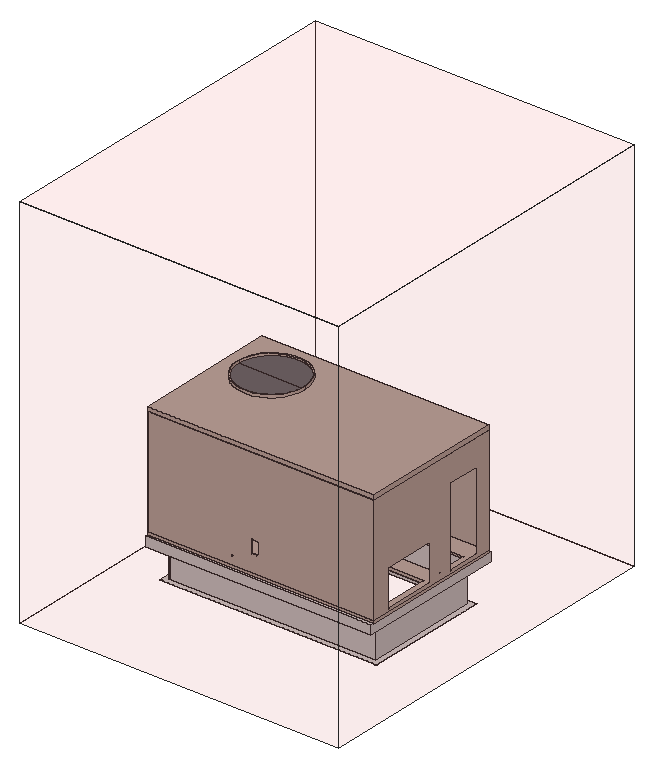
Revit family "CDR-ZX07, ZXA7, ZQ06, ZY05-06, XQ05-06, XXA7, XY05-06", category Mechanical Equipment, Revit 2018
Family settings
  Round Connector Dimension = Use Diameter
  Part Type = Normal
  Work Plane-Based = No
  Always vertical = Yes
  Cut with Voids When Loaded = No
  Shared = No
  Room Calculation Point = No
Parameters (values of type "ZX07 - 6 Ton")
  Width = 48.880"  # constant formula
  Voltage = 208 V
  URL = "www.johnsoncontrols.com"
  Temperature Rise Range [instance] = 0 °F
  Supply Fan HP = 0 VA
  Supply Fan Full Load Current = 0 A
  Supply Air Connection Width (Optional) = 17 97/256"  # constant formula
  Supply Air Connection Width = 12 33/256"  # constant formula
  Supply Air Connection Height (Optional) = 11 241/256"  # constant formula
  Supply Air Connection Height = 17 3/4"  # constant formula
  Steady State Efficiency [instance] = 0
  Static Resistance [instance] = 0
  Standard Capacity Evaporator [instance] = "0"
  Show Clearance [instance] = yes
  Serial Number [instance] = ""
  Seasonal Energy Efficiency Rating [instance] = 0
  Return Air Dry Bulb Temperature [instance] = 0 °F
  Return Air Connection Width (Optional) = 10 113/128"  # constant formula
  Return Air Connection Width = 25 161/256"  # constant formula
  Return Air Connection Height (Optional) = 25 177/256"  # constant formula
  Return Air Connection Height = 10 225/256"  # constant formula
  Refrigerant Used = "R-410A"  # constant formula
  Refrigerant Charge System Two = 0.00 lbf
  Refrigerant Charge System One = 6.88 lbf
  Product Page URL = ""
  Product Documentation Link = ""
  Power Factor = 1  # constant formula
  Outdoor Ambient Temperature [instance] = 0 °F
  Outdoor Air Wet Bulb Temperature [instance] = 0 °F
  Operating Weight = 592.00 lbf
  OmniClass Title = "Packaged Rooftop Air Conditioning Units"  # constant formula
  OmniClass Number = "23.75.10.24.21.27.14"  # constant formula
  Number of Poles = 3
  Nominal Cooling Capacity = 6.0 ton
  Model = "ZX07"
  Maximum Overcurrent Protection = 0 A
  Manufacturer = "Johnson Controls, Inc."  # constant formula
  Length = 74.050"  # constant formula
  Keynote = ""
  Integrated Part Load Value = 0
  Height = 40.560"  # constant formula
  Gas Heating Performance MBH Output = 0 Btu/h
  Gas Heating Performance MBH Input = 0 Btu/h
  Gas Connection Diameter = 1/2"  # constant formula
  Frame Finish = Paint - JCI - Powder Coated - Galvanized Steel
  Filter Type = "2\""
  Filter Size and Quantity = "(16 x 16 x 2) - 4"  # constant formula
  Family Revision Date = "10/30/2017"  # constant formula
  Exhaust Fan HP [instance] = 0 VA
  Exhaust Air Flow = 0 CFM
  Exhaust Air Blower Full Load Current [instance] = 0 A
  Evaporator Coil Row Count = 4
  Evaporator Coil Fins per Inch = 15  # constant formula
  External Static Pressure [instance] = 0.00 in-wg
  Energy Efficiency Rating = 0
  Design Supply Air Flow [instance] = 0 CFM
  Description = "CDR Packaged Unit - 6 Ton Unit"
  Curb Width = 40.688"  # constant formula
  Curb Thicknes = 1.750"  # constant formula
  Curb Length = 70.875"  # constant formula
  Curb Height [instance] = 14.000"  # constant formula
  Curb Material = Metal - JCI - Steel - Galvanized With Wood Nailer
  Curb Exists [instance] = yes
  Copyright © = "Copyright © 2001-2017 Johnson Controls"  # constant formula
  Convenience Outlet Voltage [instance] = 0 V
  Convenience Outlet Full Load Current = 0 A
  Condenser Fan Quantity = 1  # constant formula
  Condenser Fan HP = 0 VA
  Condenser Fan Full Load Current = 0 A
  Condenser Fan Drive Type = "Direct"  # constant formula
  Condenser Fan Diameter = 22.000"  # constant formula
  Condenser Coils Fins per Inch = 23  # constant formula
  Condenser Coil Rows = 1
  Condensate Drain Flow [instance] = 0 GPM
  Condensate Drain Connection Diameter = 3/4"  # constant formula
  Compressor Type = "Scroll"  # constant formula
  Compressor Size = "0"  # constant formula
  Compressor Running Load Current = 0 A
  Compressor Quantity = 1  # constant formula
  Compressor Maximum Continuous Current = 0 A
  Compressor Locked Rotor Current = 0 A
  Clearance Top = 72.000"
  Clearance Right = 18.000"
  Clearance Left = 12.000"
  Clearance Front = 36.000"
  Clearance Bottom [instance] = if(Curb Exists, (Curb Height - Cabinet Base Thickness), 0.000")  # 10.940"
  Clearance Back = 36.000"
  Cabinet Base Thickness = 3.060"  # constant formula
  CTRL Curb Height [instance] = if(Curb Exists, Curb Height, Cabinet Base Thickness)  # 14.000"
  Assembly Code = ""
  Actual Supply Gas Connection Flow [instance] = 0 GPM
  Actual Supply Air Flow [instance] = 0 CFM
  Actual Return Air Flow [instance] = 0 CFM
Types (5): name | Refrigerant Charge System One | Operating Weight | Nominal Cooling Capacity | Model | Evaporator Coil Row Count | Description
  (no name) | 6.88 lbf | 592.00 lbf | 6.0 ton | "ZX07" | 4 | "CDR Packaged Unit - 6 Ton Unit"
  ZX07 - 6 Ton | 6.88 lbf | 592.00 lbf | 6.0 ton | "ZX07" | 4 | "CDR Packaged Unit - 6 Ton Unit"
  ZY05 - 4 Ton | 6.50 lbf | 564.00 lbf | 4.0 ton | "ZY05" | 3 | "CDR Packaged Unit - 4 Ton Unit"
  ZY06 - 5 Ton | 7.63 lbf | 582.00 lbf | 5.0 ton | "ZY06" | 4 | "CDR Packaged Unit - 5 Ton Unit"
  ZQ06 - 5 Ton | 5.88 lbf | 566.20 lbf | 5.0 ton | "ZQ06" | 3 | "CDR Packaged Unit - 5 Ton Unit"
Reference planes (in)
  plane 1 "Center (Front/Back)": y = 0
  plane 2 "Curb Bottom": z = 0
  plane 3 "Center (Left/Right)": x = 0
  plane 4 "Left": x = -37.025
  plane 5 "Right": x = 37.025
  plane 6 "Back": y = 24.44
  plane 7 "Front": y = -24.44
  plane 8 "Curb Top": z = 10.94
  plane 9 "Top": z = 51.5
  plane 10 "Cabinet Base": z = 14
  plane 11 "Top Inset": z = 50.25
  plane 12: z = 14.75
  plane 13 "Curb Right": x = 35.4375
  plane 14 "Curb Left": x = -35.4375
  plane 15 "Curb Back": y = 20.344
  plane 16 "Curb Front": y = -20.344
Forms (in)
  Sweep 1, solid, material "Metal - JCI - Steel Galvanized", detail levels fine
    path origin (0, 0, 0) x (1, 0, 0) y (0, 0, 1)
      loop
        line (0, 10.94) -> (0, 14)
    profile origin (0, 0, 12.47) x (-1, 0, 0) y (0, -1, 0)
      loop
        line (36.895, -24.44) -> (36.895, 24.44) -> (-36.915, 24.44) -> (-36.915, -24.44) -> (36.895, -24.44)
      loop
        line (36.395, -20.87) -> (36.395, 20.87) -> (-36.415, 20.87) -> (-36.415, -20.87) -> (36.395, -20.87)
  Sweep 2, solid, material "Paint - JCI - Powder Coated - Galvanized Steel" <- "Frame Finish", detail levels fine
    path origin (0, 0, 0) x (1, 0, 0) y (0, 0, 1)
      loop
        line (0, 14.75) -> (0, 50.25)
    profile origin (0, 0, 32.5) x (-1, 0, 0) y (0, -1, 0)
      loop
        line (37.025, -23.39) -> (37.025, 23.39) -> (-37.025, 23.39) -> (-37.025, -23.39) -> (37.025, -23.39)
      loop
        line (36.995, -23.36) -> (36.995, 23.36) -> (-36.995, 23.36) -> (-36.995, -23.36) -> (36.995, -23.36)
  Sweep 3, solid, material "Paint - JCI - Powder Coated - Galvanized Steel" <- "Frame Finish", detail levels fine
    path origin (0, 0, 0) x (1, 0, 0) y (0, 0, 1)
      loop
        line (0, 50.25) -> (0, 51.5)
    profile origin (0, 0, 50.875) x (-1, 0, 0) y (0, -1, 0)
      loop
        line (-37.025, -23.39) -> (37.025, -23.39) -> (37.025, 23.39) -> (-37.025, 23.39) -> (-37.025, -23.39)
      loop
        circle (22.025, -8.44) r 11
  Sweep 4, solid, material "Paint - JCI - Powder Coated - Galvanized Steel" <- "Frame Finish", detail levels fine
    path origin (0, 0, 0) x (1, 0, 0) y (0, 0, 1)
      loop
        line (0, 14) -> (0, 14.75)
    profile origin (0, 0, 14.375) x (-1, 0, 0) y (0, -1, 0)
      loop
        line (-37.025, -23.39) -> (37.025, -23.39) -> (37.025, 23.39) -> (-37.025, 23.39) -> (-37.025, -23.39)
  Sweep 5, void
    path origin (0, 0, 0) x (1, 0, 0) y (0, 0, 1)
      loop
        line (0, 14) -> (0, 14.75)
    profile origin (0, 0, 14.375) x (-1, 0, 0) y (0, -1, 0)
      loop
        line (-33.875, -16.96) -> (-8.24609, -16.96) -> (-8.24609, -6.08109) -> (-33.875, -6.08109) -> (-33.875, -16.96)
      loop
        line (-33.875, -0.70109) -> (-21.74609, -0.70109) -> (-21.74609, 17.04891) -> (-33.875, 17.04891) -> (-33.875, -0.70109)
      loop
        circle (-18.745, -3.22) r 0.375
  Extrusion 6, void
    sketch origin (0, 0, 0) x (1, 0, 0) y (0, 0, 1)
      loop
        circle (-9.155, 17.68) r 0.25
      loop
        line (-2.905, 20.42) -> (-0.575, 20.42) -> (-0.575, 24.65) -> (-2.905, 24.65) -> (-2.905, 20.42)
    from 20.02836 to 24.44
  Extrusion 7, solid, material "Paint - JCI - Powder Coated - Galvanized Steel" <- "Frame Finish", detail levels fine
    sketch origin (-37.025, 0, 0) x (0, 1, 0) y (0, 0, 1)
      loop
        circle (-18.78, 29.64) r 0.69
      loop
        line (-17.51, 26.92) -> (-20.43, 26.92) -> (-20.43, 22.23) -> (-17.51, 22.23) -> (-17.51, 26.92)
    from -0.1 to 0
  Extrusion 8, void
    sketch origin (0, 0, 0) x (0, 1, 0) y (0, 0, 1)
      loop
        line (7.52719, 41.59141) -> (7.52719, 15.9) -> (18.41, 15.9) -> (18.41, 41.59141) -> (7.52719, 41.59141)
      loop
        line (-17.90172, 27.82141) -> (-17.90172, 15.88) -> (-0.52281, 15.88) -> (-0.52281, 27.82141) -> (-17.90172, 27.82141)
      loop
        circle (3.52, 17.13) r 0.375
    from 30 to 37.025
  Sweep 9, solid, material "Metal - JCI - Steel - Galvanized With Wood Nailer" <- "Curb Material", visible <- "Curb Exists", detail levels fine
    path origin (0, 0, 0) x (1, 0, 0) y (0, 1, 0)
      loop
        line (-35.4375, 20.344) -> (-35.4375, -20.344) -> (35.4375, -20.344) -> (35.4375, 20.344) -> (-35.4375, 20.344)
    profile origin (35.4375, 0, 0) x (1, 0, 0) y (0, 0, 1)
      loop
        line (0, 14) -> (-1.75, 14) -> (-1.75, 0) -> (0, 0) -> (0, 0.06) -> (-1.69, 0.06) -> (-1.69, 13) -> (0, 13) -> (0, 14)
      loop
        line (-1.69, 13.06) -> (-0.06, 13.06) -> (-0.06, 13.94) -> (-1.69, 13.94) -> (-1.69, 13.06)
  Extrusion 10, solid, material "Metal - JCI - Steel - Galvanized With Wood Nailer" <- "Curb Material", visible <- "Curb Exists", detail levels fine
    sketch origin (0, 0, 14) x (-1, 0, 0) y (0, -1, 0)
      loop
        line (33.6875, -18.594) -> (33.6875, 18.594) -> (-1.4995, 18.594) -> (-1.4995, -1.813) -> (-16.6875, -1.813) -> (-16.6875, 18.594) -> (-19.6875, 18.594) -> (-19.6875, -1.813) -> (-33.6875, -1.813) -> (-33.6875, -4.813) -> (-1.4995, -4.813) -> (-1.4995, -18.594) -> (33.6875, -18.594)
      loop
        circle (-17.6565, -3.247) r 0.9
    from 0 to -1
Cuts and joins
  Sweep 5 cuts Sweep 4
  Extrusion 6, Extrusion 8 cuts Sweep 2
  joined: Sweep 9, Extrusion 10
Lines and regions (in)
  model lines, detail levels coarse+medium
    curve 1: line (-37.025, -24.44, 51.5) -> (37.025, -24.44, 51.5)
    curve 2: line (-37.025, -24.44, 10.94) -> (-37.025, -24.44, 51.5)
    curve 3: line (37.025, -24.44, 10.94) -> (-37.025, -24.44, 10.94)
    curve 4: line (37.025, -24.44, 51.5) -> (37.025, -24.44, 10.94)
    curve 5: line (-37.025, 24.44, 51.5) -> (37.025, 24.44, 51.5)
    curve 6: line (-37.025, 24.44, 10.94) -> (-37.025, 24.44, 51.5)
    curve 7: line (37.025, 24.44, 10.94) -> (-37.025, 24.44, 10.94)
    curve 8: line (37.025, 24.44, 51.5) -> (37.025, 24.44, 10.94)
    curve 9: line (37.025, -24.44, 51.5) -> (37.025, 24.44, 51.5)
    curve 10: line (37.025, -24.44, 10.94) -> (37.025, -24.44, 51.5)
    curve 11: line (37.025, 24.44, 10.94) -> (37.025, -24.44, 10.94)
    curve 12: line (37.025, 24.44, 51.5) -> (37.025, 24.44, 10.94)
    curve 13: line (-37.025, -24.44, 51.5) -> (-37.025, 24.44, 51.5)
    curve 14: line (-37.025, -24.44, 10.94) -> (-37.025, -24.44, 51.5)
    curve 15: line (-37.025, 24.44, 10.94) -> (-37.025, -24.44, 10.94)
    curve 16: line (-37.025, 24.44, 51.5) -> (-37.025, 24.44, 10.94)
  model lines, visible <- "Curb Exists", detail levels coarse+medium
    curve 17: line (-35.4375, -20.344, 14) -> (35.4375, -20.344, 14)
    curve 18: line (-35.4375, -20.344, 0) -> (-35.4375, -20.344, 14)
    curve 19: line (35.4375, -20.344, 0) -> (-35.4375, -20.344, 0)
    curve 20: line (35.4375, -20.344, 14) -> (35.4375, -20.344, 0)
    curve 21: line (-35.4375, 20.344, 0) -> (35.4375, 20.344, 0)
    curve 22: line (-35.4375, 20.344, 14) -> (-35.4375, 20.344, 0)
    curve 23: line (35.4375, 20.344, 14) -> (-35.4375, 20.344, 14)
    curve 24: line (35.4375, 20.344, 0) -> (35.4375, 20.344, 14)
    curve 25: line (35.4375, -20.344, 0) -> (35.4375, 20.344, 0)
    curve 26: line (35.4375, -20.344, 14) -> (35.4375, -20.344, 0)
    curve 27: line (35.4375, 20.344, 14) -> (35.4375, -20.344, 14)
    curve 28: line (35.4375, 20.344, 0) -> (35.4375, 20.344, 14)
    curve 29: line (-35.4375, -20.344, 0) -> (-35.4375, 20.344, 0)
    curve 30: line (-35.4375, -20.344, 14) -> (-35.4375, -20.344, 0)
    curve 31: line (-35.4375, 20.344, 14) -> (-35.4375, -20.344, 14)
    curve 32: line (-35.4375, 20.344, 0) -> (-35.4375, 20.344, 14)
  model lines, detail levels fine
    curve 33: line (2.055, -23.39, 50.25) -> (2.055, -23.39, 14.75)
    curve 34: line (0.185, -23.39, 50.25) -> (0.185, -23.39, 14.75)
    curve 35: line (-11.515, 23.39, 50.25) -> (-11.515, 23.39, 14.75)
    curve 36: line (2.475, 23.39, 50.25) -> (2.475, 23.39, 14.75)
    curve 37: line (2.475, 23.39, 30.31) -> (37.025, 23.39, 30.31)
    curve 38: line (2.475, 23.39, 31) -> (37.025, 23.39, 31)
Dimensions and locks (in)
  equal spacing: plane 4 "Left", plane 3 "Center (Left/Right)", plane 5 "Right"
  "Length": plane 4 "Left" to plane 5 "Right"
  equal spacing: plane 7 "Front", plane 1 "Center (Front/Back)", plane 6 "Back"
  "Width": plane 7 "Front" to plane 6 "Back"
  "Height": plane 9 "Top" to plane 8 "Curb Top"
  "Cabinet Base Thickness": plane 10 "Cabinet Base" to plane 8 "Curb Top"
  locked: plane 4 "Left" to Sweep 1 sketch curve at 0.13
  locked: Sweep 1 sketch curve to plane 5 "Right" at 0.11
  locked: Sweep 1 sketch curve to Sweep 1 sketch curve at 3.57  (x2)
  locked: Sweep 1 sketch curve to Sweep 1 sketch curve at 0.5  (x2)
  locked: Sweep 2 sketch curve to plane 6 "Back" at 1.05
  locked: plane 7 "Front" to Sweep 2 sketch curve at 1.05
  locked: Sweep 2 sketch curve to Sweep 2 sketch curve at 0.03  (x4)
  locked: plane 9 "Top" to plane 11 "Top Inset" at 1.25
  locked: plane 12 to plane 10 "Cabinet Base" at 0.75
  "Return Air Connection Height": Sweep 5 sketch curve to Sweep 5 sketch curve
  locked: Sweep 5 sketch curve to Sweep 5 sketch curve at 5.38
  "Supply Air Connection Height": Sweep 5 sketch curve to Sweep 5 sketch curve
  locked: Sweep 3 to Sweep 5 sketch curve at 6.43
  locked: Sweep 5 sketch curve to plane 5 "Right" at 3.15  (x2)
  "Supply Air Connection Width": Sweep 5 sketch curve to Sweep 5 sketch curve
  "Return Air Connection Width": Sweep 5 sketch curve to Sweep 5 sketch curve
  locked: Sweep 5 sketch curve to plane 5 "Right" at 18.28
  locked: Sweep 3 to Sweep 5 sketch curve at 20.17
  locked: Sweep 3 sketch curve to plane 6 "Back" at 16
  locked: plane 4 "Left" to Sweep 3 sketch curve at 15
  locked: Extrusion 6 sketch curve to plane 4 "Left" at 27.87
  locked: Extrusion 6 sketch curve to plane 8 "Curb Top" at 6.74
  locked: Extrusion 6 sketch curve to Extrusion 6 sketch curve at 4.23
  locked: Extrusion 6 sketch curve to plane 4 "Left" at 34.12
  locked: Extrusion 6 sketch curve to Extrusion 6 sketch curve at 2.33
  locked: Extrusion 6 sketch curve to plane 8 "Curb Top" at 9.48
  locked: Extrusion 7 sketch curve to plane 8 "Curb Top" at 18.7
  locked: Extrusion 7 sketch curve to cut or joined group of Sweep 2, Extrusion 6, Extrusion 8 at 4.61
  locked: Extrusion 8 sketch curve to plane 8 "Curb Top" at 4.96
  "Return Air Connection Height (Optional)": Extrusion 8 sketch curve to Extrusion 8 sketch curve
  locked: Extrusion 8 sketch curve to plane 8 "Curb Top" at 4.94
  "Supply Air Connection Height (Optional)": Extrusion 8 sketch curve to Extrusion 8 sketch curve
  locked: Extrusion 8 sketch curve to plane 8 "Curb Top" at 6.19
  locked: cut or joined group of Sweep 2, Extrusion 6, Extrusion 8 to Extrusion 8 sketch curve at 26.91
  locked: Extrusion 8 sketch curve to cut or joined group of Sweep 2, Extrusion 6, Extrusion 8 at 4.98
  "Return Air Connection Width (Optional)": Extrusion 8 sketch curve to Extrusion 8 sketch curve
  locked: Extrusion 8 sketch curve to Extrusion 8 sketch curve at 8.05
  "Supply Air Connection Width (Optional)": Extrusion 8 sketch curve to Extrusion 8 sketch curve
  equal spacing: plane 14 "Curb Left", plane 3 "Center (Left/Right)", plane 13 "Curb Right"
  "Curb Length": plane 14 "Curb Left" to plane 13 "Curb Right"
  equal spacing: plane 16 "Curb Front", plane 1 "Center (Front/Back)", plane 15 "Curb Back"
  "Curb Width": plane 16 "Curb Front" to plane 15 "Curb Back"
  "Curb Thicknes": Sweep 9 sketch curve to profile plane
  "Curb Height": Sweep 9 sketch curve to profile plane
  locked: Sweep 9 sketch curve to Sweep 9 sketch curve at 1
  locked: Sweep 9 sketch curve to Sweep 9 sketch curve at 0.06  (x6)
  "CTRL Curb Height": plane 10 "Cabinet Base" to plane 2 "Curb Bottom"
  locked: Extrusion 10 sketch curve to Sweep 9 at 13.781
  locked: Extrusion 10 sketch curve to Extrusion 10 sketch curve at 3  (x3)
  locked: Extrusion 10 sketch curve to Sweep 9 at 32.188
  locked: Extrusion 10 sketch curve to Sweep 9 at 14
  locked: Extrusion 10 sketch curve to plane 13 "Curb Right" at 17.781
  locked: plane 16 "Curb Front" to Extrusion 10 sketch curve at 23.591
  locked: Extrusion 7 sketch curve to plane 7 "Front" at 4.01
  locked: Extrusion 7 sketch curve to Extrusion 7 sketch curve at 2.92
  locked: Extrusion 7 sketch curve to plane 8 "Curb Top" at 11.29
  locked: Extrusion 7 sketch curve to Extrusion 7 sketch curve at 4.69
  locked: Extrusion 7 to plane 4 "Left" at 0.1
  nested 2 to plane 7 "Front" = 36.000"
  plane 6 "Back" to nested 2 = 36.000"
  plane 5 "Right" to nested 2 = 18.000"
  nested 2 to plane 4 "Left" = 12.000"
  "Curb Height": curve 17 to plane 2 "Curb Bottom"
  "Curb Height": curve 23 to plane 2 "Curb Bottom"
  "Curb Height": curve 27 to plane 2 "Curb Bottom"
  "Curb Height": curve 31 to plane 2 "Curb Bottom"
  locked: plane 4 "Left" to nested 1 at 15
  locked: nested 1 to plane 6 "Back" at 16
  locked: plane 5 "Right" to curve 33 at 34.97
  locked: plane 5 "Right" to curve 34 at 36.84
  locked: curve 35 to plane 4 "Left" at 25.51
  locked: curve 36 to plane 4 "Left" at 39.5
  locked: plane 8 "Curb Top" to curve 37 at 19.37
  locked: plane 8 "Curb Top" to curve 38 at 20.06
  "Condensate Drain Connection Diameter": diameter of Sweep 5 sketch curve
  "Gas Connection Diameter": diameter of Extrusion 6 sketch curve
  "Condensate Drain Connection Diameter": diameter of Extrusion 8 sketch curve
  "Condenser Fan Diameter": diameter of Sweep 3 sketch curve
  aligned and locked: level to plane 2 "Curb Bottom"
  aligned and locked: plane 8 "Curb Top" to Sweep 1 sketch curve
  aligned and locked: plane 3 "Center (Left/Right)" to Sweep 1 sketch curve
  aligned and locked: plane 10 "Cabinet Base" to Sweep 1 sketch curve
  aligned and locked: plane 6 "Back" to Sweep 1 sketch curve
  aligned and locked: Sweep 1 sketch curve to plane 7 "Front"
  aligned and locked: plane 3 "Center (Left/Right)" to Sweep 2 sketch curve
  aligned and locked: Sweep 2 sketch curve to plane 5 "Right"
  aligned and locked: plane 4 "Left" to Sweep 2 sketch curve
  aligned and locked: plane 11 "Top Inset" to Sweep 2 sketch curve
  aligned and locked: Sweep 3 sketch curve to Sweep 2  (x5)
  aligned and locked: plane 3 "Center (Left/Right)" to Sweep 3 sketch curve
  aligned and locked: plane 9 "Top" to Sweep 3 sketch curve
  aligned and locked: plane 12 to Sweep 2 sketch curve
  aligned and locked: plane 3 "Center (Left/Right)" to Sweep 4 sketch curve
  aligned and locked: plane 10 "Cabinet Base" to Sweep 4 sketch curve
  aligned and locked: plane 12 to Sweep 4 sketch curve
  aligned and locked: Sweep 4 sketch curve to Sweep 3  (x4)
  aligned and locked: plane 3 "Center (Left/Right)" to Sweep 5 sketch curve
  aligned and locked: plane 10 "Cabinet Base" to Sweep 5 sketch curve
  aligned and locked: plane 12 to Sweep 5 sketch curve
  aligned and locked: plane 9 "Top" to nested 1
  aligned and locked: plane 7 "Front" to Extrusion 6
  aligned and locked: plane 5 "Right" to Extrusion 8
  aligned and locked: plane 15 "Curb Back" to Sweep 9 sketch curve
  aligned and locked: plane 14 "Curb Left" to Sweep 9 sketch curve
  aligned and locked: Sweep 9 sketch curve to plane 16 "Curb Front"
  aligned and locked: Sweep 9 sketch curve to plane 13 "Curb Right"
  aligned and locked: profile plane to Sweep 9 sketch curve  (x2)
  aligned and locked: Sweep 9 sketch curve to profile plane
  aligned and locked: Sweep 9 to Extrusion 10 sketch curve  (x4)
  aligned and locked: Extrusion 10 to plane 10 "Cabinet Base"
  aligned and locked: Sweep 9 to Extrusion 10
  aligned and locked: Extrusion 10 sketch curve to Extrusion 10 sketch curve
  aligned and locked: Extrusion 10 sketch curve to Sweep 9
  aligned and locked: plane 4 "Left" to Extrusion 7
  aligned and locked: plane 8 "Curb Top" to nested 2
  aligned and locked: curve 1 to plane 9 "Top"
  aligned and locked: plane 4 "Left" to curve 2
  aligned and locked: plane 8 "Curb Top" to curve 3
  aligned and locked: curve 4 to plane 5 "Right"
  aligned and locked: curve 5 to plane 9 "Top"
  aligned and locked: plane 4 "Left" to curve 6
  aligned and locked: plane 8 "Curb Top" to curve 7
  aligned and locked: curve 8 to plane 5 "Right"
  aligned and locked: curve 9 to plane 9 "Top"
  aligned and locked: curve 10 to plane 7 "Front"
  aligned and locked: plane 8 "Curb Top" to curve 11
  aligned and locked: plane 6 "Back" to curve 12
  aligned and locked: curve 13 to plane 9 "Top"
  aligned and locked: curve 14 to plane 7 "Front"
  aligned and locked: plane 8 "Curb Top" to curve 15
  aligned and locked: plane 6 "Back" to curve 16
  aligned and locked: plane 14 "Curb Left" to curve 18
  aligned and locked: plane 2 "Curb Bottom" to curve 19
  aligned and locked: curve 20 to plane 13 "Curb Right"
  aligned and locked: curve 21 to plane 2 "Curb Bottom"
  aligned and locked: curve 22 to plane 14 "Curb Left"
  aligned and locked: plane 13 "Curb Right" to curve 24
  aligned and locked: curve 25 to plane 2 "Curb Bottom"
  aligned and locked: plane 16 "Curb Front" to curve 26
  aligned and locked: curve 28 to plane 15 "Curb Back"
  aligned and locked: curve 29 to plane 2 "Curb Bottom"
  aligned and locked: plane 16 "Curb Front" to curve 30
  aligned and locked: curve 32 to plane 15 "Curb Back"
  aligned and locked: plane 11 "Top Inset" to curve 33
  aligned and locked: plane 12 to curve 33
  aligned and locked: plane 11 "Top Inset" to curve 35
  aligned and locked: plane 12 to curve 35
  aligned and locked: plane 5 "Right" to curve 37
  aligned and locked: plane 5 "Right" to curve 38
  aligned and locked: curve 36 to curve 38
  aligned and locked: plane 11 "Top Inset" to curve 36
  aligned and locked: plane 12 to curve 36
  aligned and locked: plane 11 "Top Inset" to curve 34
  aligned and locked: plane 12 to curve 34
Automatic sketch dimensions
  radius of Extrusion 10 sketch curve = 0.900"
  radius of Extrusion 7 sketch curve = 0.690"
Nested families (in)
  nested 1: "CDR-JCI-Condenser_Fan" at (-22.025, 8.44, 51.5), type "Fan"
    with Radius 2 10.750", Radius 11.000", Height 0.840", Diameter 22.000"
  nested 2: "Include Clearance" at (0, 0, 10.94), visible <- "Show Clearance", type "Include Clearance"
    with Height 40.560", Clearance Top 72.000", Clearance Right 18.000", Clearance Left 12.000", Clearance Front 36.000", Clearance Bottom 10.940", Clearance Back 36.000"
Connectors (in)
  hvac at (21.06055, 11.52055, 14), driven by "Return Air Connection Height", driven by "Return Air Connection Width", driven by "Actual Return Air Flow"
    settings: on cut or joined group of Sweep 4, Sweep 5, index 1, duct flow 0 CFM, flow factor 0, pres drop 0.00 in-wg, loss coef 0, conn angle 0.00°, conn width 25 161/256", conn height 10 225/256", conn diameter 24", duct sys type 2, conn prof type 1, flow config 0, flow direction 1, loss method 0, conn ref index -1, conn util no, is conn primary yes, conn desc "Return Air"
  hvac at (27.81055, -8.17391, 14), driven by "Supply Air Connection Height", driven by "Supply Air Connection Width", driven by "Actual Supply Air Flow"
    settings: on cut or joined group of Sweep 4, Sweep 5, index 2, duct flow 0 CFM, flow factor 0, pres drop 0.00 in-wg, loss coef 0, conn angle 0.00°, conn width 12 33/256", conn height 17 3/4", conn diameter 24", duct sys type 1, conn prof type 1, flow config 0, flow direction 2, loss method 0, conn ref index -1, conn util no, is conn primary no, conn desc "Supply Air"
  hvac at (37.025, 12.96859, 28.7457), driven by "Return Air Connection Height (Optional)", driven by "Return Air Connection Width (Optional)"
    settings: on cut or joined group of Sweep 2, Extrusion 6, Extrusion 8, index 4, duct flow 0 CFM, flow factor 0, pres drop 0.00 in-wg, loss coef 0, conn angle 0.00°, conn width 10 113/128", conn height 25 177/256", conn diameter 24", duct sys type 2, conn prof type 1, flow config 0, flow direction 1, loss method 0, conn ref index -1, conn util no, is conn primary no, conn desc "Return Air (Optional)"
  hvac at (37.025, -9.21227, 21.8507), driven by "Supply Air Connection Width (Optional)", driven by "Supply Air Connection Height (Optional)"
    settings: on cut or joined group of Sweep 2, Extrusion 6, Extrusion 8, index 5, duct flow 0 CFM, flow factor 0, pres drop 0.00 in-wg, loss coef 0, conn angle 0.00°, conn width 17 97/256", conn height 11 241/256", conn diameter 24", duct sys type 1, conn prof type 1, flow config 0, flow direction 2, loss method 0, conn ref index -1, conn util no, is conn primary no, conn desc "Supply Air (Optional)"
  piping at (-9.155, -23.39, 17.68), diameter 0.5, driven by "Actual Supply Gas Connection Flow", driven by "Gas Connection Diameter"
    settings: on cut or joined group of Sweep 2, Extrusion 6, Extrusion 8, index 6, connector inside diameter 24", connector length 0.000", flow factor 0, pipe flow 0 GPM, pressure drop 0.00 psi, fitting loss kfactor 0, connector angle 0.00°, fixture units 0, engagement length 0.000", angle of deflection 0.00°, flow configuration 0, flow direction 1, fitting loss method 0, system type 7, joint type 0, gender type 0, connector reference index -1, connector utility 0, adjustable connector no, is connector primary yes, connector description "Gas Inlet"
  piping at (18.745, 3.22, 14), diameter 0.75, driven by "Condensate Drain Flow", driven by "Condensate Drain Connection Diameter"
    settings: on cut or joined group of Sweep 4, Sweep 5, index 7, connector inside diameter 24", connector length 0.000", flow factor 0, pipe flow 0 GPM, pressure drop 0.00 psi, fitting loss kfactor 0, connector angle 0.00°, fixture units 0, engagement length 0.000", angle of deflection 0.00°, flow configuration 1, flow direction 2, fitting loss method 0, system type 16, joint type 0, gender type 0, connector reference index -1, connector utility 0, adjustable connector yes, is connector primary no, connector description "Condensate Drain"
  piping at (37.025, 3.52, 17.13), diameter 0.75, driven by "Condensate Drain Connection Diameter"
    settings: on cut or joined group of Sweep 2, Extrusion 6, Extrusion 8, index 8, connector inside diameter 24", connector length 0.000", flow factor 0, pipe flow 0 GPM, pressure drop 0.00 psi, fitting loss kfactor 0, connector angle 0.00°, fixture units 0, engagement length 0.000", angle of deflection 0.00°, flow configuration 1, flow direction 2, fitting loss method 0, system type 16, joint type 0, gender type 0, connector reference index -1, connector utility 0, adjustable connector yes, is connector primary no, connector description "Condensate Drain (Optional)"
  electrical at (-37.125, -18.78, 29.64), driven by "Number of Poles", driven by "Voltage", driven by "Power Factor"
    settings: on Extrusion 7, index 9, voltage 208 V, apparent load 0 VA, apparent load phase1 0 VA, apparent load phase2 0 VA, apparent load phase3 0 VA, power factor 1, load classification "Power", number of poles 3, system type 30, power factor state 1, is connector primary yes, connector utility no, sub classification motor no, connector description "Power Entry"
  electrical at (-37.125, -18.97, 24.575), driven by "Number of Poles", driven by "Convenience Outlet Voltage", driven by "Power Factor"
    settings: on Extrusion 7, index 10, voltage 0 V, apparent load 0 VA, apparent load phase1 0 VA, apparent load phase2 0 VA, apparent load phase3 0 VA, power factor 1, load classification "Power", number of poles 3, system type 30, power factor state 1, is connector primary no, connector utility no, sub classification motor no, connector description "Convenience Outlet Power"
Definition of nested family "CDR-JCI-Condenser_Fan"
  Parameters (values of type "Fan")
    Radius 2 = Radius - 0.250"  # 11.630"
    Radius = if(1 = 1, Diameter / 2, 1.000")  # 11.880"
    Height = 1.250"
    Frame Material = none
    Fan Blade Material = none
    Diameter = 23.760"
    Assembly Code = ""
  Reference planes (in)
    plane 1 "Center (Front/Back)": y = 0
    plane 2 "Bottom": z = 0
    plane 3 "Center (Left/Right)": x = 0
    plane 4 "Back": y = 11.88
    plane 5 "Front": y = -11.88
    plane 6 "Left": x = -11.88
    plane 7 "Right": x = 11.88
    plane 8 "Top": z = 1.25
    plane 9 "Right Inset": x = 11.63
    plane 10 "Top Inset": z = 0.75
  Forms (in)
    Revolve 1, solid, material <- "Fan Blade Material", detail levels fine
      sketch origin (0, 0, 0) x (1, 0, 0) y (0, 0, 1)
        loop
          line (0, 0.75) -> (0, 0) -> (11.63, 0) -> (11.63, 0.75) -> (0, 0.75)
        axis (0, 0.75) -> (0, 0)
      angle from 0 to 360
    Revolve 2, solid, material <- "Frame Material", detail levels fine
      sketch origin (0, 0, 0) x (1, 0, 0) y (0, 0, 1)
        loop
          line (11.63, 0) -> (11.88, 0) -> (11.88, 1.25) -> (11.63, 1.25) -> (11.63, 0)
        axis (0, 1.25) -> (0, 0)
      angle from 0 to 360
    Revolve 3, solid, material <- "Frame Material", detail levels medium
      sketch origin (0, 0, 0) x (1, 0, 0) y (0, 0, 1)
        loop
          line (0, 1.25) -> (0, 0) -> (11.88, 0) -> (11.88, 1.25) -> (0, 1.25)
        axis (0, 1.25) -> (0, 0)
      angle from 0 to 360
  Lines and regions (in)
    Masking region 1
      outline origin (0, 0, 0) x (1, 0, 0) y (0, 1, 0)
        loop
          circle (0, 0) r 11.88
    Masking region 2
      outline origin (0, 0, 0) x (1, 0, 0) y (0, 0, 1)
        loop
          line (-11.88, 1.25) -> (-11.88, 0) -> (11.88, 0) -> (11.88, 1.25) -> (-11.88, 1.25)
    Masking region 3
      outline origin (0, 0, 0) x (0, 1, 0) y (0, 0, 1)
        loop
          line (-11.88, 1.25) -> (-11.88, 0) -> (11.88, 0) -> (11.88, 1.25) -> (-11.88, 1.25)
    model lines, detail levels coarse
      curve 1: circle (0, 0, 0) r 11.88 normal (0, 0, 1)
      curve 2: circle (0, 0, 1.25) r 11.88 normal (0, 0, 1)
      curve 3: line (11.88, 0, 1.25) -> (11.88, 0, 0)
      curve 4: line (-11.88, 0, 1.25) -> (-11.88, 0, 0)
      curve 5: line (0, 11.88, 1.25) -> (0, 11.88, 0)
      curve 6: line (0, -11.88, 1.25) -> (0, -11.88, 0)
    symbolic lines, detail levels fine
      curve 7: circle (0, 0, 0) r 11.63 normal (0, 0, 1)
  Dimensions and locks (in)
    equal spacing: plane 5 "Front", plane 1 "Center (Front/Back)", plane 4 "Back"
    "Diameter": plane 5 "Front" to plane 4 "Back"
    equal spacing: plane 6 "Left", plane 3 "Center (Left/Right)", plane 7 "Right"
    "Diameter": plane 6 "Left" to plane 7 "Right"
    "Height": plane 8 "Top" to plane 2 "Bottom"
    locked: plane 9 "Right Inset" to plane 7 "Right" at 0.25
    locked: plane 8 "Top" to plane 10 "Top Inset" at 0.5
    "Radius": plane 3 "Center (Left/Right)" to curve 1
    "Radius": curve 1 to plane 1 "Center (Front/Back)"
    "Radius": curve 2 to plane 1 "Center (Front/Back)"
    "Radius": plane 3 "Center (Left/Right)" to curve 2
    "Radius": plane 3 "Center (Left/Right)" to Masking region 1 sketch curve
    "Radius": plane 1 "Center (Front/Back)" to Masking region 1 sketch curve
    "Radius 2": plane 3 "Center (Left/Right)" to curve 7
    "Radius 2": plane 1 "Center (Front/Back)" to curve 7
    "Radius": radius of curve 1
    "Radius": radius of curve 2
    "Radius": radius of Masking region 1 sketch curve
    "Radius 2": radius of curve 7
    aligned and locked: Revolve 1 sketch curve to plane 3 "Center (Left/Right)"
    aligned and locked: Revolve 1 sketch curve to Revolve 1 sketch curve
    aligned and locked: plane 2 "Bottom" to Revolve 1 sketch curve
    aligned and locked: Revolve 2 sketch curve to plane 3 "Center (Left/Right)"
    aligned and locked: Revolve 2 sketch curve to plane 8 "Top"
    aligned and locked: plane 2 "Bottom" to Revolve 2 sketch curve
    aligned and locked: plane 7 "Right" to Revolve 2 sketch curve
    aligned and locked: Revolve 2 sketch curve to plane 9 "Right Inset"
    aligned and locked: plane 9 "Right Inset" to Revolve 1 sketch curve
    aligned and locked: Revolve 1 sketch curve to plane 10 "Top Inset"
    aligned and locked: Revolve 3 sketch curve to plane 3 "Center (Left/Right)"
    aligned and locked: Revolve 3 sketch curve to Revolve 3 sketch curve
    aligned and locked: plane 2 "Bottom" to Revolve 3 sketch curve
    aligned and locked: plane 7 "Right" to Revolve 3 sketch curve
    aligned and locked: Revolve 3 sketch curve to plane 8 "Top"
    aligned and locked: plane 2 "Bottom" to curve 3
    aligned and locked: plane 2 "Bottom" to curve 4
    aligned and locked: plane 8 "Top" to curve 3
    aligned and locked: plane 8 "Top" to curve 4
    aligned and locked: plane 7 "Right" to curve 3
    aligned and locked: curve 4 to plane 6 "Left"
    aligned and locked: plane 2 "Bottom" to curve 5
    aligned and locked: plane 8 "Top" to curve 5
    aligned and locked: plane 2 "Bottom" to curve 6
    aligned and locked: plane 8 "Top" to curve 6
    aligned and locked: curve 5 to plane 4 "Back"
    aligned and locked: plane 5 "Front" to curve 6
    aligned and locked: Masking region 2 sketch curve to plane 8 "Top"
    aligned and locked: plane 2 "Bottom" to Masking region 2 sketch curve
    aligned and locked: plane 7 "Right" to Masking region 2 sketch curve
    aligned and locked: plane 6 "Left" to Masking region 2 sketch curve
    aligned and locked: Masking region 3 sketch curve to plane 8 "Top"
    aligned and locked: Masking region 3 sketch curve to plane 4 "Back"
    aligned and locked: plane 2 "Bottom" to Masking region 3 sketch curve
    aligned and locked: Masking region 3 sketch curve to plane 5 "Front"
  Automatic sketch dimensions
    Revolve 1 sketch curve to level = 24.000"
    Revolve 1 sketch curve to Revolve 1 sketch curve = 87.70035"
    Revolve 2 sketch curve to level = 24.000"
    plane 8 "Top" to Revolve 2 sketch curve = 87.20035"
    Revolve 3 sketch curve to level = 24.000"
    Revolve 3 sketch curve to Revolve 3 sketch curve = 87.20035"
Definition of nested family "Include Clearance"
  Parameters (values of type "Include Clearance")
    Width = 74.050"
    Height = 32.530"
    Depth = 48.880"
    Default Elevation = 48.000"
    Clearance Top = 120.000"
    Clearance Right = 60.000"
    Clearance Material = none
    Clearance Left = 60.000"
    Clearance Front = 60.000"
    Clearance Bottom = 36.000"
    Clearance Back = 60.000"
    Assembly Code = ""
  Reference planes (in)
    plane 1 "Center (Front/Back)": y = 0
    plane 2 "Bottom": z = 0
    plane 3 "Center (Left/Right)": x = 0
    plane 4 "Clearance Front": y = -84.44
    plane 5 "Top": z = 32.53
    plane 6 "Back": y = 24.44
    plane 7 "Left": x = -37.025
    plane 8 "Front": y = -24.44
    plane 9 "Right": x = 37.025
    plane 10 "Clearance Back": y = 84.44
    plane 11 "Clearance Left": x = -97.025
    plane 12 "Clearance Right": x = 97.025
    plane 13 "Clearance Top": z = 152.53
    plane 14 "Clearance Bottom": z = -36
  Forms (in)
    Extrusion 1, solid, material <- "Clearance Material"
      sketch origin (0, 0, 32.53) x (-1, 0, 0) y (0, -1, 0)
        loop
          line (97.025, -84.44) -> (97.025, 84.44) -> (-97.025, 84.44) -> (-97.025, -84.44) -> (97.025, -84.44)
      from -68.53 to 120
  Lines and regions (in)
    symbolic lines
      curve 1: line (-97.025, 84.44, 32.53) -> (97.025, 84.44, 32.53)
      curve 2: line (-97.025, -84.44, 32.53) -> (-97.025, 84.44, 32.53)
      curve 3: line (97.025, -84.44, 32.53) -> (-97.025, -84.44, 32.53)
      curve 4: line (97.025, 84.44, 32.53) -> (97.025, -84.44, 32.53)
      curve 5: line (-97.025, 0, 152.53) -> (97.025, 0, 152.53)
      curve 6: line (-97.025, 0, -36) -> (-97.025, 0, 152.53)
      curve 7: line (97.025, 0, -36) -> (-97.025, 0, -36)
      curve 8: line (97.025, 0, 152.53) -> (97.025, 0, -36)
      curve 9: line (0, -84.44, 152.53) -> (0, 84.44, 152.53)
      curve 10: line (0, -84.44, -36) -> (0, -84.44, 152.53)
      curve 11: line (0, 84.44, -36) -> (0, -84.44, -36)
      curve 12: line (0, 84.44, 152.53) -> (0, 84.44, -36)
  Dimensions and locks (in)
    "Height": plane 5 "Top" to plane 2 "Bottom"
    "Depth": plane 6 "Back" to plane 8 "Front"
    "Width": plane 7 "Left" to plane 9 "Right"
    equal spacing: plane 7 "Left", plane 3 "Center (Left/Right)", plane 9 "Right"
    equal spacing: plane 6 "Back", plane 1 "Center (Front/Back)", plane 8 "Front"
    "Clearance Bottom": plane 2 "Bottom" to plane 14 "Clearance Bottom"
    "Clearance Top": plane 13 "Clearance Top" to plane 5 "Top"
    "Clearance Left": plane 11 "Clearance Left" to plane 7 "Left"
    "Clearance Right": plane 9 "Right" to plane 12 "Clearance Right"
    "Clearance Back": plane 10 "Clearance Back" to plane 6 "Back"
    "Clearance Front": plane 4 "Clearance Front" to plane 8 "Front"
    aligned and locked: level to plane 2 "Bottom"
    aligned and locked: Extrusion 1 sketch curve to plane 10 "Clearance Back"
    aligned and locked: Extrusion 1 sketch curve to plane 11 "Clearance Left"
    aligned and locked: Extrusion 1 sketch curve to plane 12 "Clearance Right"
    aligned and locked: Extrusion 1 sketch curve to plane 4 "Clearance Front"
    aligned and locked: Extrusion 1 to plane 14 "Clearance Bottom"
    aligned and locked: Extrusion 1 to plane 13 "Clearance Top"
    aligned and locked: curve 1 to plane 10 "Clearance Back"
    aligned and locked: curve 2 to plane 11 "Clearance Left"
    aligned and locked: curve 4 to plane 12 "Clearance Right"
    aligned and locked: curve 3 to plane 4 "Clearance Front"
    aligned and locked: curve 5 to plane 13 "Clearance Top"
    aligned and locked: curve 6 to plane 11 "Clearance Left"
    aligned and locked: curve 7 to plane 14 "Clearance Bottom"
    aligned and locked: curve 8 to plane 12 "Clearance Right"
    aligned and locked: curve 9 to plane 13 "Clearance Top"
    aligned and locked: curve 11 to plane 14 "Clearance Bottom"
    aligned and locked: curve 12 to plane 10 "Clearance Back"
    aligned and locked: curve 10 to plane 4 "Clearance Front"
